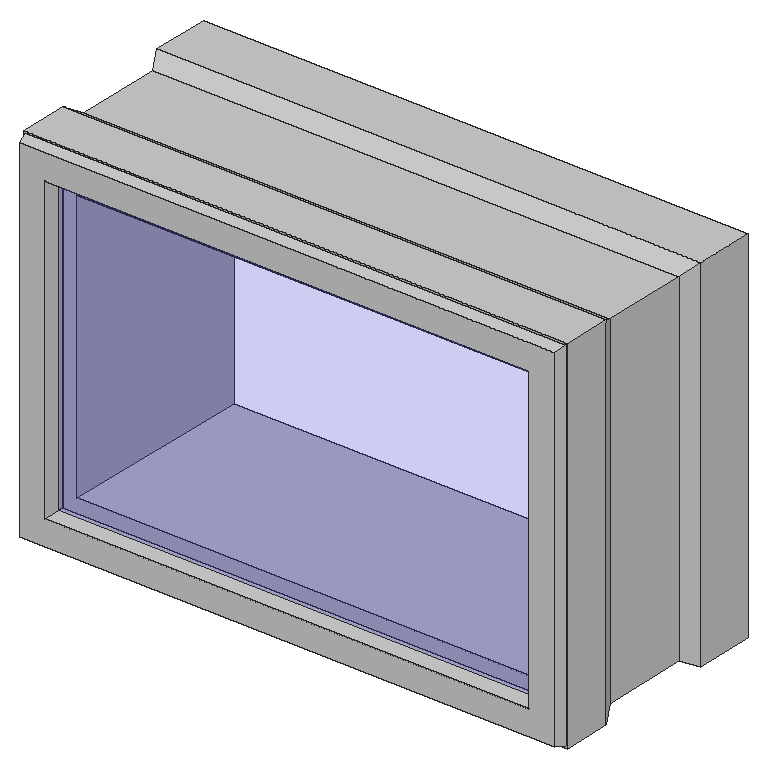
Revit family "WCW_A3-600wX400h-Winblok", category Windows, host Wall, Revit 2016
Family settings
  Host = Wall
  Always vertical = Yes
  Cut with Voids When Loaded = No
  Shared = No
  Room Calculation Point = No
Parameters (values of type "600w X 400h WB64H Winblok")
  URL = "http://www.winblok.co.za"
  Model = "Horizontal Rectangle"
  Material glass = Glass
  Material frame = Default Concrete Frame
  Manufacturer Code = "WB64H"
  Manufacturer = "Winblok"
  Inset = 110 mm
  Height = 400 mm
  Head Height = 2125 mm
  Wall Closure = By host
  Width = 600 mm
  Construction Type = "Concrete"
  Assembly Code = ""
Reference planes
  plane 1 "centre line": y = 0
  plane 2 "Center (Left/Right)": x = 0
  plane 3 "Left": x = -300
  plane 4 "Right": x = 300
  plane 5 "Sill": z = 1725
  plane 6 "Head": z = 2125
  plane 7 "Exterior": y = 110
  plane 8 "Interior": y = -110
  plane 9 "Glass": y = -100
Forms (mm)
  Sweep 1, solid, material "Default Concrete Frame" <- "Material frame", detail levels medium+fine
    path origin (0, 0, 0) x (1, 0, 0) y (0, 0, 1)
      loop
        line (300, 1725) -> (300, 2125) -> (-300, 2125) -> (-300, 1725) -> (300, 1725)
    profile "400 Profile : 400 Profile" origin (0, 0, 1725) x (0, 0, -1) y (0, -1, 0)
      loop
        line (0, -138) -> (0, -73) -> (-10, -55.679) -> (-10, 39.679) -> (0, 57) -> (0, 110) -> (-2, 110) -> (-5.215, 122) -> (-33, 122) -> (-35, 100) -> (-50, 100) -> (-33, -138) -> (0, -138)
  Extrusion 2, solid, material "Glass" <- "Material glass", detail levels medium+fine
    sketch origin (0, -100, 0) x (1, 0, 0) y (0, 0, 1)
      loop
        line (265, 2090) -> (-265, 2090) -> (-265, 1760) -> (265, 1760) -> (265, 2090)
    from 6 to 0
Lines and regions (mm)
  Opening 1
    outline origin (3500, -110, 0) x (1, 0, 0) y (0, 0, 1)
      loop
        line (-3200, 1725) -> (-3200, 2125) -> (-3800, 2125) -> (-3800, 1725) -> (-3200, 1725)
  symbolic lines, style "WindowsFrameMullionProjection", detail levels coarse
    curve 1: line (-300, 0, 0) -> (300, 0, 0)
    curve 2: line (0, 0, 2125) -> (0, 0, 1725)
Text (mm)
  text "EXTERIOR" at (-1963.203, 1332.353, 0), in view "Ref. Level"
  text "INTERIOR" at (-1981.466, -818.386, 0), in view "Ref. Level"
  text "Exterior" at (0, 923.751, 2943.296), in view "Right"
  text "Exterior" at (0, 1040.484, 2685.409), in view "Left"
Dimensions and locks
  equal spacing: plane 3 "Left", plane 2 "Center (Left/Right)", plane 4 "Right"
  "Width": plane 3 "Left" to plane 4 "Right"
  "Height": plane 5 "Sill" to plane 6 "Head"
  "Head Height": plane 6 "Head" to level
  locked: plane 7 "Exterior" to host wall at 0
  locked: plane 8 "Interior" to host wall
  "Inset": plane 1 "centre line" to plane 7 "Exterior"
  locked: plane 9 "Glass" to plane 1 "centre line" at 100
  aligned and locked: plane 1 "centre line" to curve 1
  aligned and locked: plane 1 "centre line" to curve 2
Automatic sketch dimensions
  Opening 1 sketch curve to plane 3 "Left" = 0 mm
  Opening 1 sketch curve to plane 4 "Right" = 0 mm
  Opening 1 sketch curve to plane 5 "Sill" = 0 mm
  Opening 1 sketch curve to plane 6 "Head" = 0 mm
  curve 1 to plane 3 "Left" = 0 mm
  curve 1 to plane 4 "Right" = 0 mm
  curve 2 to plane 5 "Sill" = 0 mm
  curve 2 to plane 6 "Head" = 0 mm
  Sweep 1 sketch curve to plane 3 "Left" = 0 mm
  Sweep 1 sketch curve to plane 4 "Right" = 0 mm
  Sweep 1 sketch curve to plane 5 "Sill" = 0 mm
  Sweep 1 sketch curve to plane 6 "Head" = 0 mm
  Extrusion 2 sketch curve to plane 3 "Left" = 35 mm
  plane 4 "Right" to Extrusion 2 sketch curve = 35 mm
  Extrusion 2 sketch curve to plane 5 "Sill" = 35 mm
  plane 6 "Head" to Extrusion 2 sketch curve = 35 mm
